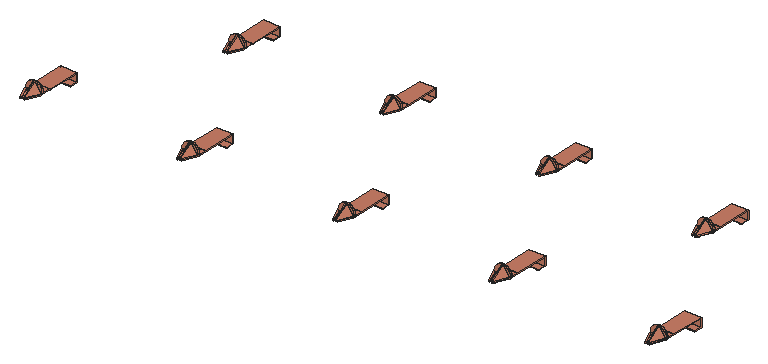
Revit family "Construction_Roof-Accessories_Alpine-SnowGuards_PD41", category Specialty Equipment, host Face, Revit 2019
Family settings
  Host = Face
  Round Connector Dimension = Use Diameter
  Part Type = Normal
  OmniClass Number = 23.35.20.31.27.14
  OmniClass Title = Snow Guards
  Cut with Voids When Loaded = No
  Shared = No
  Room Calculation Point = No
Parameters (values of type "2x2 Pattern – Two Row")
  z_Option3 = Row Options : Three Rows
  z_Option2 = Row Options : Two Rows
  z_Option1 = Row Options : One Row
  Z_Vertical Spacing = if(Vertical Spacing = 0", 12", Vertical Spacing)  # 24"
  Z_Three Rows [instance] = and((Length > 2 * Z_Horizontal Spacing), Number of Rows = z_Option3)  # no
  Z_Three Row Second Pad [instance] = and(not(or(Z_Three Rows, Z_Two Rows, Z_Custom Row, Number of Rows = z_Option2, Z_CR)), Z_Length > Z_Horizontal Spacing)  # no
  Z_Three Row First Pad [instance] = not(or(Z_Three Rows, Z_Two Rows, Z_Custom Row, Number of Rows = z_Option2, Z_CR))  # no
  Z_Second Row Number [instance] = Z_Number of Pads Control - 1  # 4
  Z_Two Row First Pad [instance] = and(not(or(Z_Three Rows, Z_Two Rows, Z_Custom Row, Z_CR)), or(Z_Length = Z_Horizontal Spacing / 2, Z_Length > Z_Horizontal Spacing / 2))  # no
  Z_Second Row [instance] = Z_Horizontal Spacing / 2  # 12"
  Z_Length [instance] = if(Length < Z_Horizontal Spacing / 2, Z_Horizontal Spacing / 2, Length)  # 100"
  Z_Horizontal Spacing = if(Horizontal Spacing = 0", 24", Horizontal Spacing)  # 24"
  Z_Distance between Pads [instance] = Length / (Z_Number of Pads Control - 1)  # 25"
  Z_Custom Row Second Pad [instance] = and(not(or(Z_Three Rows, Z_Two Rows, Z_Custom Row)), Z_Length > Z_Horizontal Spacing)  # no
  Z_Custom Row First Pad [instance] = not(or(Z_Three Rows, Z_Two Rows))  # no
  Z_Custom Row [instance] = and((Length > 2 * Z_Horizontal Spacing), or(Number of Rows = z_Option1, Number of Rows = z_Option2, Number of Rows = z_Option3))  # yes
  Z_CR = no
  Vertical Spacing = 24"
  URL = "https://www.alpinesnowguards.com/model/pd41?utm_source=bimobject&utm_medium=productlisting&utm_campaign=2022marketing"
  Z_Two Rows [instance] = and((Length > 2 * Z_Horizontal Spacing), or(Number of Rows = z_Option2, Number of Rows = z_Option3))  # yes
  Surface Offset [instance] = 0"
  Strap Length [instance] = 15 5/8"
  Standard Layouts [instance] = "Standard layouts are shown. Custom layouts are available, please contact Alpine Snow Guard to discuss."  # constant formula
  Snow Guard Count [instance] = if(and(Number of Rows = z_Option1, and(Length > 24", Length < 49")), 2, if(and(Number of Rows = z_Option1, or(Length = 0", Length < 25")), 1, if(and(Number of Rows = z_Option2, or(Length = 0", Length < 25")), 2, if(and(Number of Rows = z_Option3, and(Length > 24", Length < 49")), 5, if(Z_Three Rows, 2 * Z_Number of Pads Control + Z_Second Row Number, if(Z_Two Rows, Z_Number of Pads Control + Z_Second Row Number, Z_Number of Pads Control))))))  # 9
  Product data url = "https://www.bimobject.com/en-us/alpine-snowguards/product/pd41_half_round_pad_style_snow_guard_with_hook"
  Product Material = Alpine SnowGuards - Copper - Mill Finish
  Product Guid = "ab2724ba-9bd9-445f-86f5-17aeb9849d5a"
  Z_Number of Pads Control [instance] = if((Z_Length / Z_Horizontal Spacing + 1) < 3, 3, rounddown(Z_Length / Z_Horizontal Spacing + 1))  # 5
  Number of Rows = Row Options : Two Rows
  Length Note [instance] = "To show a single SnowGuard in the Row, please set Length to 0"  # constant formula
  Model = if(PD 410F, "PD 410F", "PD 41")  # "PD 41"
  Manufacturer = "Alpine SnowGuards"  # constant formula
  PD 410F = no
  Length [instance] = 100"
  Keynote = "07720"
  IMPORTANT [instance] = "All layouts begin with a 3-row pattern."  # constant formula
  Horizontal Spacing = 24"
  Hook Length [instance] = 2"
  Edition number = 1
  Description = "PD41 Half Round Pad Style Snow Guard With Hook"  # constant formula
  Default Elevation = 48"
  Assembly Code = "B3010"
Types (6): name | Z_Vertical Spacing | Z_Three Rows | Z_Second Row Number | Z_Second Row | Z_Horizontal Spacing | Z_Distance between Pads | Z_Custom Row First Pad | Z_CR | Vertical Spacing | Z_Two Rows | Snow Guard Count | Z_Number of Pads Control | Number of Rows | Horizontal Spacing
  (no name) | 24" | no | 4 | 12" | 24" | 25" | no | no | 24" | yes | 9 | 5 | Row Options : Two Rows | 24"
  3-Row Pattern | 12" | yes | 4 | 12" | 24" | 25" | no | no | 12" | yes | 14 | 5 | Row Options : Three Rows | 24"
  2x4 Pattern – Two Row | 24" | no | 2 | 24" | 48" | 50" | no | no | 24" | yes | 5 | 3 | Row Options : Two Rows | 48"
  2x3 Pattern – Two Row | 24" | no | 2 | 18" | 36" | 50" | no | no | 24" | yes | 5 | 3 | Row Options : Two Rows | 36"
  2x2 Pattern – Two Row | 24" | no | 4 | 12" | 24" | 25" | no | no | 24" | yes | 9 | 5 | Row Options : Two Rows | 24"
  Custom – Single Row | 12" | no | 4 | 12" | 24" | 25" | yes | yes | 0" | no | 5 | 5 | Row Options : One Row | 24"
Reference planes (in)
  plane 1 "Center (Front/Back)": y = 0
  plane 2: z = 0
  plane 3 "Center (Left/Right)": x = 0
  plane 4: x = 100
  plane 5: y = 24
  plane 6: y = 48
  plane 7: x = 12
  plane 8: x = 24
  plane 9: x = 36
Dimensions and locks (in)
  "Z_Length": plane 3 "Center (Left/Right)" to plane 4
  "Z_Vertical Spacing": plane 1 "Center (Front/Back)" to plane 5
  "Z_Vertical Spacing": plane 6 to plane 5
  "Z_Horizontal Spacing": plane 3 "Center (Left/Right)" to plane 8
  equal spacing: group 1, group 2, group 3, group 9, group 10  (x3)
  equal spacing: group 4, group 5, group 6, group 11, group 12  (x3)
  "Z_Horizontal Spacing": plane 7 to plane 9
  equal spacing: group 7, group 8, group 13, group 14  (x3)
  equal spacing: plane 3 "Center (Left/Right)", plane 7, plane 8
  aligned and locked: host face to plane 2
  aligned and locked: host face to level
  aligned and locked: plane 1 "Center (Front/Back)" to nested 1
  aligned and locked: plane 3 "Center (Left/Right)" to nested 1
  aligned and locked: plane 7 to nested 2
  aligned and locked: nested 2 to plane 5
  aligned and locked: plane 3 "Center (Left/Right)" to nested 3
  aligned and locked: nested 3 to plane 6
  aligned and locked: plane 8 to nested 4
  aligned and locked: plane 8 to nested 6
  aligned and locked: plane 9 to nested 8
  aligned and locked: nested 6 to plane 6
  aligned and locked: nested 8 to plane 5
  aligned and locked: plane 1 "Center (Front/Back)" to nested 9
  aligned and locked: plane 1 "Center (Front/Back)" to nested 10
  aligned and locked: nested 11 to plane 5
  aligned and locked: nested 12 to plane 6
  aligned and locked: nested 13 to plane 6
  aligned and locked: plane 3 "Center (Left/Right)" to nested 9
  aligned and locked: plane 7 to nested 11
  aligned and locked: plane 8 to nested 10
  aligned and locked: plane 3 "Center (Left/Right)" to nested 12
  aligned and locked: plane 8 to nested 13
Automatic sketch dimensions
  host sketch curve to host sketch curve = 167.34463"
  host sketch curve to host sketch curve = 121.14631"
Nested families (in)
  nested 1: "Construction_Roof-Accessories_Alpine-SnowGuards_Pad-PD41" at (0, 0, 0), Product Material <- "Product Material", F <- "PD 410F", visible <- "Z_Custom Row", Surface Offset <- "Surface Offset", Strap Length <- "Strap Length", Hook Length <- "Hook Length", type "Construction_Roof-Accessories_Alpine-SnowGuards_Pad-PD41"
    with T 1 1/4", Surface Offset 0", Strap Length 15 5/8", Product Material Alpine SnowGuards - Copper - Mill Finish, L 6 1/2", Hook Length 2", F no
  nested 2: "Construction_Roof-Accessories_Alpine-SnowGuards_Pad-PD41" at (12, 24, 0), Product Material <- "Product Material", F <- "PD 410F", visible <- "Z_Two Rows", Surface Offset <- "Surface Offset", Strap Length <- "Strap Length", Hook Length <- "Hook Length", type "Construction_Roof-Accessories_Alpine-SnowGuards_Pad-PD41"
    with T 1 1/4", Surface Offset 0", Strap Length 15 5/8", Product Material Alpine SnowGuards - Copper - Mill Finish, L 6 1/2", Hook Length 2", F no
  nested 3: "Construction_Roof-Accessories_Alpine-SnowGuards_Pad-PD41" at (0, 48, 0), Product Material <- "Product Material", F <- "PD 410F", visible <- "Z_Three Rows", Strap Length <- "Strap Length", Surface Offset <- "Surface Offset", Hook Length <- "Hook Length", type "Construction_Roof-Accessories_Alpine-SnowGuards_Pad-PD41"
    with T 1 1/4", Surface Offset 0", Strap Length 15 5/8", Product Material Alpine SnowGuards - Copper - Mill Finish, L 6 1/2", Hook Length 2", F no
  nested 4: "Construction_Roof-Accessories_Alpine-SnowGuards_Pad-PD41" at (24, 0, 0), Product Material <- "Product Material", F <- "PD 410F", visible <- "Z_Custom Row", Surface Offset <- "Surface Offset", Strap Length <- "Strap Length", Hook Length <- "Hook Length", type "Construction_Roof-Accessories_Alpine-SnowGuards_Pad-PD41"
    with T 1 1/4", Surface Offset 0", Strap Length 15 5/8", Product Material Alpine SnowGuards - Copper - Mill Finish, L 6 1/2", Hook Length 2", F no
  nested 5: "Construction_Roof-Accessories_Alpine-SnowGuards_Pad-PD41" at (48, 0, 0), Product Material <- "Product Material", F <- "PD 410F", visible <- "Z_Custom Row", Surface Offset <- "Surface Offset", Strap Length <- "Strap Length", Hook Length <- "Hook Length", type "Construction_Roof-Accessories_Alpine-SnowGuards_Pad-PD41"
    with T 1 1/4", Surface Offset 0", Strap Length 15 5/8", Product Material Alpine SnowGuards - Copper - Mill Finish, L 6 1/2", Hook Length 2", F no
  nested 6: "Construction_Roof-Accessories_Alpine-SnowGuards_Pad-PD41" at (24, 48, 0), Product Material <- "Product Material", F <- "PD 410F", visible <- "Z_Three Rows", Strap Length <- "Strap Length", Surface Offset <- "Surface Offset", Hook Length <- "Hook Length", type "Construction_Roof-Accessories_Alpine-SnowGuards_Pad-PD41"
    with T 1 1/4", Surface Offset 0", Strap Length 15 5/8", Product Material Alpine SnowGuards - Copper - Mill Finish, L 6 1/2", Hook Length 2", F no
  nested 7: "Construction_Roof-Accessories_Alpine-SnowGuards_Pad-PD41" at (48, 48, 0), Product Material <- "Product Material", F <- "PD 410F", visible <- "Z_Three Rows", Strap Length <- "Strap Length", Surface Offset <- "Surface Offset", Hook Length <- "Hook Length", type "Construction_Roof-Accessories_Alpine-SnowGuards_Pad-PD41"
    with T 1 1/4", Surface Offset 0", Strap Length 15 5/8", Product Material Alpine SnowGuards - Copper - Mill Finish, L 6 1/2", Hook Length 2", F no
  nested 8: "Construction_Roof-Accessories_Alpine-SnowGuards_Pad-PD41" at (36, 24, 0), Product Material <- "Product Material", F <- "PD 410F", visible <- "Z_Two Rows", Surface Offset <- "Surface Offset", Strap Length <- "Strap Length", Hook Length <- "Hook Length", type "Construction_Roof-Accessories_Alpine-SnowGuards_Pad-PD41"
    with T 1 1/4", Surface Offset 0", Strap Length 15 5/8", Product Material Alpine SnowGuards - Copper - Mill Finish, L 6 1/2", Hook Length 2", F no
  nested 9: "Construction_Roof-Accessories_Alpine-SnowGuards_Pad-PD41" at (0, 0, 0), F <- "PD 410F", Surface Offset <- "Surface Offset", Strap Length <- "Strap Length", Product Material <- "Product Material", visible <- "Z_Custom Row First Pad", Hook Length <- "Hook Length", type "Construction_Roof-Accessories_Alpine-SnowGuards_Pad-PD41"
    with T 1 1/4", Surface Offset 0", Strap Length 15 5/8", Product Material Alpine SnowGuards - Copper - Mill Finish, L 6 1/2", Hook Length 2", F no
  nested 10: "Construction_Roof-Accessories_Alpine-SnowGuards_Pad-PD41" at (24, 0, 0), F <- "PD 410F", Surface Offset <- "Surface Offset", Strap Length <- "Strap Length", Product Material <- "Product Material", visible <- "Z_Custom Row Second Pad", type "Construction_Roof-Accessories_Alpine-SnowGuards_Pad-PD41"
    with T 1 1/4", Surface Offset 0", Strap Length 15 5/8", Product Material Alpine SnowGuards - Copper - Mill Finish, L 6 1/2", Hook Length 2", F no
  nested 11: "Construction_Roof-Accessories_Alpine-SnowGuards_Pad-PD41" at (12, 24, 0), Product Material <- "Product Material", Strap Length <- "Strap Length", Surface Offset <- "Surface Offset", F <- "PD 410F", visible <- "Z_Two Row First Pad", Hook Length <- "Hook Length", type "Construction_Roof-Accessories_Alpine-SnowGuards_Pad-PD41"
    with T 1 1/4", Surface Offset 0", Strap Length 15 5/8", Product Material Alpine SnowGuards - Copper - Mill Finish, L 6 1/2", Hook Length 2", F no
  nested 12: "Construction_Roof-Accessories_Alpine-SnowGuards_Pad-PD41" at (0, 48, 0), Product Material <- "Product Material", Strap Length <- "Strap Length", Surface Offset <- "Surface Offset", F <- "PD 410F", visible <- "Z_Three Row First Pad", Hook Length <- "Hook Length", type "Construction_Roof-Accessories_Alpine-SnowGuards_Pad-PD41"
    with T 1 1/4", Surface Offset 0", Strap Length 15 5/8", Product Material Alpine SnowGuards - Copper - Mill Finish, L 6 1/2", Hook Length 2", F no
  nested 13: "Construction_Roof-Accessories_Alpine-SnowGuards_Pad-PD41" at (24, 48, 0), Product Material <- "Product Material", Strap Length <- "Strap Length", Surface Offset <- "Surface Offset", F <- "PD 410F", visible <- "Z_Three Row Second Pad", type "Construction_Roof-Accessories_Alpine-SnowGuards_Pad-PD41"
    with T 1 1/4", Surface Offset 0", Strap Length 15 5/8", Product Material Alpine SnowGuards - Copper - Mill Finish, L 6 1/2", Hook Length 2", F no
  nested 14: "Construction_Roof-Accessories_Alpine-SnowGuards_Pad-PD41" at (72, 0, 0), Product Material <- "Product Material", F <- "PD 410F", visible <- "Z_Custom Row", Surface Offset <- "Surface Offset", Strap Length <- "Strap Length", Hook Length <- "Hook Length", type "Construction_Roof-Accessories_Alpine-SnowGuards_Pad-PD41"
    with T 1 1/4", Surface Offset 0", Strap Length 15 5/8", Product Material Alpine SnowGuards - Copper - Mill Finish, L 6 1/2", Hook Length 2", F no
  nested 15: "Construction_Roof-Accessories_Alpine-SnowGuards_Pad-PD41" at (96, 0, 0), Product Material <- "Product Material", F <- "PD 410F", visible <- "Z_Custom Row", Surface Offset <- "Surface Offset", Strap Length <- "Strap Length", Hook Length <- "Hook Length", type "Construction_Roof-Accessories_Alpine-SnowGuards_Pad-PD41"
    with T 1 1/4", Surface Offset 0", Strap Length 15 5/8", Product Material Alpine SnowGuards - Copper - Mill Finish, L 6 1/2", Hook Length 2", F no
  nested 16: "Construction_Roof-Accessories_Alpine-SnowGuards_Pad-PD41" at (72, 48, 0), Product Material <- "Product Material", F <- "PD 410F", visible <- "Z_Three Rows", Strap Length <- "Strap Length", Surface Offset <- "Surface Offset", Hook Length <- "Hook Length", type "Construction_Roof-Accessories_Alpine-SnowGuards_Pad-PD41"
    with T 1 1/4", Surface Offset 0", Strap Length 15 5/8", Product Material Alpine SnowGuards - Copper - Mill Finish, L 6 1/2", Hook Length 2", F no
  nested 17: "Construction_Roof-Accessories_Alpine-SnowGuards_Pad-PD41" at (96, 48, 0), Product Material <- "Product Material", F <- "PD 410F", visible <- "Z_Three Rows", Strap Length <- "Strap Length", Surface Offset <- "Surface Offset", Hook Length <- "Hook Length", type "Construction_Roof-Accessories_Alpine-SnowGuards_Pad-PD41"
    with T 1 1/4", Surface Offset 0", Strap Length 15 5/8", Product Material Alpine SnowGuards - Copper - Mill Finish, L 6 1/2", Hook Length 2", F no
  nested 18: "Construction_Roof-Accessories_Alpine-SnowGuards_Pad-PD41" at (60, 24, 0), Product Material <- "Product Material", F <- "PD 410F", visible <- "Z_Two Rows", Surface Offset <- "Surface Offset", Strap Length <- "Strap Length", Hook Length <- "Hook Length", type "Construction_Roof-Accessories_Alpine-SnowGuards_Pad-PD41"
    with T 1 1/4", Surface Offset 0", Strap Length 15 5/8", Product Material Alpine SnowGuards - Copper - Mill Finish, L 6 1/2", Hook Length 2", F no
  nested 19: "Construction_Roof-Accessories_Alpine-SnowGuards_Pad-PD41" at (84, 24, 0), Product Material <- "Product Material", F <- "PD 410F", visible <- "Z_Two Rows", Surface Offset <- "Surface Offset", Strap Length <- "Strap Length", Hook Length <- "Hook Length", type "Construction_Roof-Accessories_Alpine-SnowGuards_Pad-PD41"
    with T 1 1/4", Surface Offset 0", Strap Length 15 5/8", Product Material Alpine SnowGuards - Copper - Mill Finish, L 6 1/2", Hook Length 2", F no
Definition of nested family "Construction_Roof-Accessories_Alpine-SnowGuards_Pad-PD41"
  Parameters (values of type "Construction_Roof-Accessories_Alpine-SnowGuards_Pad-PD21")
    T [instance] = if(Hook Length < 1/4", 1/4", if(Hook Length > 1 1/4", 1 1/4", Hook Length))  # 1 1/4"
    Surface Offset [instance] = 0"
    Strap Length [instance] = 6 1/2"
    Product Material [instance] = none
    L [instance] = if(Strap Length > 6 1/2", 6 1/2", if(Strap Length < 4", 4", Strap Length))  # 6 1/2"
    Hook Length [instance] = 2"
    F [instance] = yes
  Reference planes (in)
    plane 1 "Center (Front/Back)": y = 0
    plane 2: z = 0
    plane 3 "Center (Left/Right)": x = 0
    plane 4: y = -2.375
    plane 5: x = -1.25
    plane 6: z = 2.6875
    plane 7: z = 1.4375
    plane 8: z = 1.5
    plane 9: x = 1.25
    plane 10: y = 6.5
    plane 11: z = -1.25
    plane 12: z = 0
    plane 13: z = 0.11913
  Forms (in)
    Extrusion 1, solid, material <- "Product Material", detail levels fine
      sketch origin (0, 0, 0.03424) x (1, 0, 0) y (0, 0, 1)
        loop
          line (1.25, -0.03424) -> (1.25, 0.21479)
          arc (1.25, 0.21479) -> (0, 1.46479) -> (-1.25, 0.21479) r 1.25
          line (-1.25, 0.21479) -> (-1.25, -0.03424) -> (1.25, -0.03424)
      from 0 to 0.1978
    Sweep 2, solid, material <- "Product Material", detail levels fine
      path origin (1.2331, 0.04673, 0.03865) x (0.999641, 0.026785, -0.001071) y (-0.026787, 0.99964, -0.001779)
        loop
          line (-2.05752, 0.18662) -> (-1.07653, -2.30301)
      profile origin (-0.30501, -1.05306, 0.04221) x (0.920225, 0.391387, -0.001649) y (0.001023, 0.001807, 0.999998)
        loop
          line (-0.41438, -0.03769) -> (-0.37639, -0.03494) -> (0.58935, 1.35985) -> (0.55134, 1.35706) -> (-0.41438, -0.03769)
    Extrusion 3, void
      sketch origin (0, 0, 0.03424) x (0, 1, 0) y (0, 0, 1)
        loop
          line (-0.15101, 1.48867) -> (-0.15101, 1.66156) -> (-2.55379, 1.66156) -> (-2.55379, -0.1778) -> (0.46654, -0.1778) -> (0.46654, 1.44168) -> (-0.1978, 1.44168) -> (-0.1978, 0.072) -> (-2.40838, 0.072) -> (-0.15101, 1.48867)
      from -2.2317 to 1.92901
    Sweep 4, solid, material <- "Product Material", detail levels fine
      path origin (-1.2331, 0.04673, 0.03865) x (-0.999641, 0.026785, -0.001071) y (-0.026787, -0.99964, 0.001779)
        loop
          line (-2.05752, -0.18662) -> (-1.07653, 2.30301)
      profile origin (0.30501, -1.05306, 0.04221) x (0.920225, -0.391387, 0.001649) y (-0.001023, 0.001807, 0.999998)
        loop
          line (0.41438, -0.03769) -> (-0.55134, 1.35706) -> (-0.58935, 1.35985) -> (0.37639, -0.03494) -> (0.41438, -0.03769)
    Extrusion 5, solid, material <- "Product Material", detail levels fine
      sketch origin (0, -0.23657, 1.40648) x (0, -0.857988, -0.51367) y (1, 0, 0)
        loop
          line (2.53128, -0.10391) -> (2.53128, 0.10391) -> (-0.04787, 0.04282) -> (-0.04787, -0.04282) -> (2.53128, -0.10391)
      from 0 to 0.02578
    Extrusion 6, void
      sketch origin (0, 0, 0) x (0, 1, 0) y (0, 0, 1)
        loop
          line (-2.375, 0.26156) -> (-2.625, 0.26156) -> (-2.625, -0.08571) -> (-2.375, -0.08571) -> (-2.375, 0.26156)
      from -0.20134 to 0.28095
    Extrusion 7, solid, material <- "Product Material", detail levels fine
      sketch origin (0, 0, 0) x (1, 0, 0) y (0, 1, 0)
        loop
          line (-1.25, -0.1978) -> (-1.25, -0.40013) -> (-0.38047, -2.375) -> (-0.11807, -2.375) -> (-1.07307, -0.1978) -> (-1.25, -0.1978)
        loop
          line (1.25, -0.1978) -> (1.07307, -0.1978) -> (0.11807, -2.375) -> (0.38047, -2.375) -> (1.25, -0.40013) -> (1.25, -0.1978)
      from 0 to 0.10624
    Extrusion 8, solid, material <- "Product Material", detail levels coarse+medium
      sketch origin (0, 0, 0) x (1, 0, 0) y (0, 0, 1)
        loop
          line (-1.28125, 0) -> (1.28125, 0) -> (1.28125, 0.21702)
          arc (1.28125, 0.21702) -> (0, 1.49827) -> (-1.28125, 0.21702) r 1.28125
          line (-1.28125, 0.21702) -> (-1.28125, 0)
      from 0 to 2.375
    Extrusion 9, solid, material <- "Product Material", visible <- "F", detail levels fine
      sketch origin (0, 0, 0) x (1, 0, 0) y (0, 0, 1)
        loop
          line (-1.24474, 0.11913) -> (-1.24474, 0.24474)
          arc (-1.24474, 0.24474) -> (0, 1.48948) -> (1.24474, 0.24474) r 1.24474
          line (1.24474, 0.24474) -> (1.24474, 0.11913) -> (1.52696, 0.11913) -> (1.52696, 0.24095)
          arc (1.52696, 0.24095) -> (1.6857, 0.44682) -> (1.92516, 0.34565) r 0.21286
          arc (1.92516, 0.34565) -> (1.94924, 0.33047) -> (1.97515, 0.34224) r 0.03
          arc (1.97515, 0.34224) -> (2.16303, 0.84555) -> (2.05518, 1.37185) r 0.97307
          arc (2.05518, 1.37185) -> (1.45045, 1.82782) -> (0.69467, 1.77872) r 1.08809
          arc (0.69467, 1.77872) -> (0.72987, 2.06732) -> (0.60113, 2.32801) r 0.50829
          arc (0.60113, 2.32801) -> (0.36563, 2.51062) -> (0.14862, 2.71485) r 3.12174
          arc (0.14862, 2.71485) -> (0.09487, 2.80593) -> (-0.00683, 2.83487) r 0.14247
          arc (-0.00683, 2.83487) -> (-0.20594, 2.62481) -> (-0.42357, 2.43401) r 3.13395
          arc (-0.42357, 2.43401) -> (-0.69472, 2.12671) -> (-0.64158, 1.72034) r 0.49534
          arc (-0.64158, 1.72034) -> (-1.5479, 1.75474) -> (-2.14618, 1.07308) r 1.05529
          arc (-2.14618, 1.07308) -> (-2.13029, 0.68981) -> (-1.96752, 0.34247) r 0.97307
          arc (-1.96752, 0.34247) -> (-1.94157, 0.33046) -> (-1.91735, 0.34565) r 0.03
          arc (-1.91735, 0.34565) -> (-1.67789, 0.44682) -> (-1.51915, 0.24095) r 0.21286
          line (-1.51915, 0.24095) -> (-1.51915, 0.11913) -> (-1.24474, 0.11913)
      from 0 to -0.01759
    Extrusion 10, solid, material <- "Product Material", visible <- "F", detail levels coarse+medium
      sketch origin (0, 0, 0) x (1, 0, 0) y (0, 0, 1)
        loop
          line (-2.15425, 0.11913) -> (2.16207, 0.11913) -> (2.16207, 0.5916)
          arc (2.16207, 0.5916) -> (0.00391, 2.74975) -> (-2.15425, 0.5916) r 2.15816
          line (-2.15425, 0.5916) -> (-2.15425, 0.11913)
      from 0 to -0.01759
    Sweep 11, solid, material <- "Product Material"
      path origin (-8.18588, 6.5, 47.24409) x (-1, 0, 0) y (0, 0, 1)
        loop
          line (-6.93588, -47.24409) -> (-9.43588, -47.24409)
      profile origin (0, 6.5, 0) x (0, 0, -1) y (0, 1, 0)
        loop
          line (0, 0) -> (0, -0.0625) -> (1.1875, -0.0625) -> (1.1875, -1.28103) -> (1.25, -1.28103) -> (1.25, 0) -> (0, 0)
    Extrusion 12, solid, material <- "Product Material"
      sketch origin (0, 0, 0) x (1, 0, 0) y (0, 1, 0)
        loop
          line (-1.25, 6.5) -> (-1.25, 1.25) -> (1.25, 1.25) -> (1.25, 6.5) -> (-1.25, 6.5)
      from 0 to 0.11913
    Extrusion 13, solid, material <- "Product Material"
      sketch origin (0, 0, 0) x (1, 0, 0) y (0, 1, 0)
        loop
          line (-1.25, 1.25) -> (-1.25, 0) -> (1.24474, 0) -> (1.24474, 1.25) -> (-1.25, 1.25)
      from 0 to 0.11913
  Cuts and joins
    Extrusion 3, Extrusion 6 cuts Sweep 2
    Extrusion 3, Extrusion 6 cuts Sweep 4
    Extrusion 6 cuts Extrusion 5
  Dimensions and locks (in)
    locked: plane 4 to plane 1 "Center (Front/Back)" at 2.375
    locked: plane 6 to level at 2.6875
    locked: plane 7 to level at 1.4375
    plane 3 "Center (Left/Right)" to plane 5 = 1 1/4"
    locked: plane 8 to level at 1.5
    equal spacing: plane 5, plane 3 "Center (Left/Right)", plane 9
    locked: plane 5 to plane 9 at 2.5
    "L": plane 1 "Center (Front/Back)" to plane 10
    locked: Sweep 11 sketch curve to plane 11 at 0.0625
    locked: plane 10 to Sweep 11 sketch curve at 0.0625
    locked: plane 10 to Sweep 11 sketch curve at 1.28103
    locked: plane 1 "Center (Front/Back)" to Extrusion 12 sketch curve at 1.25
    locked: plane 1 "Center (Front/Back)" to Extrusion 13 sketch curve at 1.25
    locked: plane 12 to plane 13 at 0.11913
    "T": plane 11 to plane 12
    "Surface Offset": level to plane 12
    aligned and locked: level to plane 2
    aligned and locked: Extrusion 8 to level
    aligned and locked: plane 5 to Sweep 11 sketch curve
    aligned and locked: plane 9 to Sweep 11 sketch curve
    aligned and locked: Sweep 11 sketch curve to level
    aligned and locked: Sweep 11 sketch curve to plane 11
    aligned and locked: plane 10 to Sweep 11 sketch curve
    aligned and locked: plane 5 to Extrusion 12 sketch curve
    aligned and locked: plane 9 to Extrusion 12 sketch curve
    aligned and locked: Extrusion 12 sketch curve to plane 10
    aligned and locked: Extrusion 13 sketch curve to plane 1 "Center (Front/Back)"
    aligned and locked: Extrusion 12 to plane 13
    aligned and locked: plane 12 to Extrusion 12
    aligned and locked: plane 12 to Sweep 11 sketch curve
  Automatic sketch dimensions
    Extrusion 1 sketch curve to level = 0"
    Extrusion 1 sketch curve to plane 5 = 0"
    Extrusion 1 sketch curve to plane 3 "Center (Left/Right)" = 0"
    level to Extrusion 1 sketch curve = 0.24903"
    Sweep 2 sketch curve to Sweep 2 sketch curve = 0.98099"
    Sweep 2 sketch curve to Sweep 2 sketch curve = 2.48963"
    Sweep 2 sketch curve to profile plane = 0.03769"
    profile plane to Sweep 2 sketch curve = 0.41438"
    Sweep 2 sketch curve to profile plane = 0.03494"
    Sweep 2 sketch curve to Sweep 2 sketch curve = 0.03799"
    Sweep 2 sketch curve to profile plane = 0.55134"
    Sweep 2 sketch curve to Sweep 2 sketch curve = 0.03801"
    profile plane to Sweep 2 sketch curve = 1.35706"
    Sweep 2 sketch curve to Sweep 2 sketch curve = 0.00279"
    Extrusion 3 sketch curve to plane 4 = 0.17879"
    Extrusion 3 sketch curve to plane 4 = 0.03338"
    Extrusion 3 sketch curve to plane 8 = 0.02408"
    plane 1 "Center (Front/Back)" to Extrusion 3 sketch curve = 0.1978"
    plane 1 "Center (Front/Back)" to Extrusion 3 sketch curve = 0.15101"
    Extrusion 3 sketch curve to level = 0.14356"
    Extrusion 3 sketch curve to plane 1 "Center (Front/Back)" = 0.46654"
    level to Extrusion 3 sketch curve = 0.10624"
    plane 8 to Extrusion 3 sketch curve = 0.02291"
    plane 8 to Extrusion 3 sketch curve = 0.1958"
    Sweep 4 sketch curve to Sweep 4 sketch curve = 0.98099"
    Sweep 4 sketch curve to Sweep 4 sketch curve = 2.48963"
    profile plane to Sweep 4 sketch curve = 0.58935"
    Sweep 4 sketch curve to Sweep 4 sketch curve = 0.03801"
    Sweep 4 sketch curve to profile plane = 0.03494"
    Sweep 4 sketch curve to profile plane = 0.37639"
    Sweep 4 sketch curve to profile plane = 0.03769"
    Sweep 4 sketch curve to Sweep 4 sketch curve = 0.03799"
    profile plane to Sweep 4 sketch curve = 1.35706"
    Sweep 4 sketch curve to Sweep 4 sketch curve = 0.00279"
    Extrusion 5 sketch curve to plane 3 "Center (Left/Right)" = 0.04282"
    plane 3 "Center (Left/Right)" to Extrusion 5 sketch curve = 0.10391"
    Extrusion 5 sketch curve to Extrusion 5 sketch curve = 2.57915"
    Extrusion 5 sketch curve to plane 3 "Center (Left/Right)" = 0.10391"
    plane 3 "Center (Left/Right)" to Extrusion 5 sketch curve = 0.04282"
    Extrusion 6 sketch curve to plane 4 = 0"
    Extrusion 6 sketch curve to level = 0.08571"
    Extrusion 6 sketch curve to plane 4 = 1/4"
    level to Extrusion 6 sketch curve = 0.26156"
    Extrusion 7 sketch curve to plane 5 = 0"
    Extrusion 7 sketch curve to plane 4 = 0"  (x2)
    Extrusion 7 sketch curve to plane 9 = 0"
    Extrusion 7 sketch curve to Extrusion 7 sketch curve = 0.17693"  (x2)
    Extrusion 7 sketch curve to plane 3 "Center (Left/Right)" = 0.38047"
    Extrusion 7 sketch curve to plane 3 "Center (Left/Right)" = 0.11807"
    plane 3 "Center (Left/Right)" to Extrusion 7 sketch curve = 0.11807"
    Extrusion 7 sketch curve to Extrusion 7 sketch curve = 0.2624"
    plane 1 "Center (Front/Back)" to Extrusion 7 sketch curve = 0.40013"  (x2)
    plane 1 "Center (Front/Back)" to Extrusion 7 sketch curve = 0.1978"  (x2)
    Extrusion 8 sketch curve to level = 0"
    Extrusion 8 sketch curve to plane 3 "Center (Left/Right)" = 0"
    Extrusion 8 sketch curve to plane 5 = 1/32"
    level to Extrusion 8 sketch curve = 0.21702"
    Extrusion 9 sketch curve to plane 3 "Center (Left/Right)" = 0"
    Extrusion 9 sketch curve to plane 3 "Center (Left/Right)" = 0.22099"
    plane 5 to Extrusion 9 sketch curve = 0.11913"
    plane 5 to Extrusion 9 sketch curve = 0.06493"
    plane 5 to Extrusion 9 sketch curve = 0.00526"
    Extrusion 9 sketch curve to plane 5 = 0.26915"
    Extrusion 9 sketch curve to Extrusion 9 sketch curve = 0.21286"  (x2)
    Extrusion 9 sketch curve to Extrusion 9 sketch curve = 0.21146"  (x2)
    Extrusion 9 sketch curve to plane 5 = 1.12851"
    plane 3 "Center (Left/Right)" to Extrusion 9 sketch curve = 1/128"
    plane 3 "Center (Left/Right)" to Extrusion 9 sketch curve = 0.2288"
    plane 9 to Extrusion 9 sketch curve = 0.11131"
    plane 9 to Extrusion 9 sketch curve = 0.05711"
    Extrusion 9 sketch curve to plane 9 = 0.27696"
    Extrusion 9 sketch curve to plane 9 = 1.14414"
    level to Extrusion 9 sketch curve = 0.11913"  (x2)
    Extrusion 9 sketch curve to Extrusion 9 sketch curve = 0.12183"
    level to Extrusion 9 sketch curve = 0.24095"
    level to Extrusion 9 sketch curve = 0.24474"
    Extrusion 9 sketch curve to Extrusion 9 sketch curve = 0.11945"  (x2)
    Extrusion 9 sketch curve to Extrusion 9 sketch curve = 0.54061"  (x2)
    Extrusion 9 sketch curve to Extrusion 9 sketch curve = 0.13561"  (x2)
    plane 8 to Extrusion 9 sketch curve = 0.482"
    Extrusion 9 sketch curve to Extrusion 9 sketch curve = 0"  (x3)
    plane 6 to Extrusion 9 sketch curve = 0.00566"
    plane 6 to Extrusion 9 sketch curve = 2.19597"  (x2)
    Extrusion 9 sketch curve to plane 3 "Center (Left/Right)" = 0.00683"
    Extrusion 9 sketch curve to plane 3 "Center (Left/Right)" = 0.42357"
    Extrusion 9 sketch curve to Extrusion 9 sketch curve = 0.42059"
    Extrusion 9 sketch curve to Extrusion 9 sketch curve = 0.02405"
    Extrusion 9 sketch curve to plane 8 = 0.42692"
    plane 6 to Extrusion 9 sketch curve = 7/256"
    Extrusion 9 sketch curve to plane 6 = 0.35949"
    plane 8 to Extrusion 9 sketch curve = 0.27872"
    Extrusion 9 sketch curve to Extrusion 9 sketch curve = 0.02387"
    level to Extrusion 10 sketch curve = 0.11913"
    Extrusion 10 sketch curve to plane 5 = 0.90425"
    plane 3 "Center (Left/Right)" to Extrusion 10 sketch curve = 1/256"
    Extrusion 10 sketch curve to Extrusion 10 sketch curve = 0.47247"
    Extrusion 13 sketch curve to plane 5 = 0"
    plane 9 to Extrusion 13 sketch curve = 0.00526"
